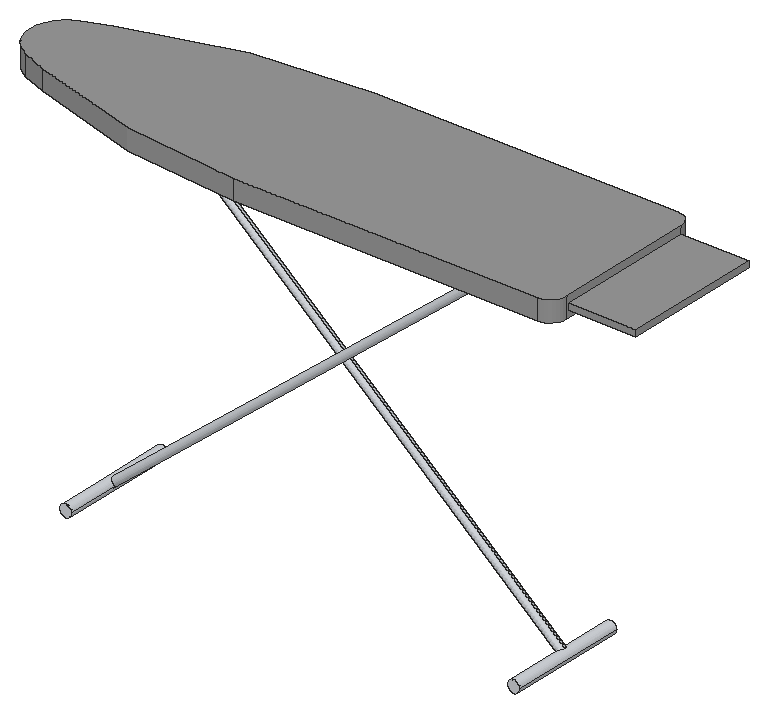
Revit family "Table_Ironing", category Furniture, Revit 2021
Family settings
  Work Plane-Based = No
  Always vertical = Yes
  Cut with Voids When Loaded = No
  Shared = No
  Room Calculation Point = No
Parameters
  Default Elevation = 0 mm
Reference planes
  plane 1 "Center (Front/Back)": y = 0
  plane 2: z = 0
  plane 3 "Center (Left/Right)": x = 0
Forms (mm)
  Extrusion 1, solid, material "Linen, Beige"
    sketch origin (617.51, -5.934, -14) x (0, 1, 0) y (-1, 0, 0)
      loop
        arc (-211.674, -42.49) -> (-199.958, -70.774) -> (-171.674, -82.49) r 40
        line (-171.674, -82.49) -> (183.541, -82.49)
        arc (183.541, -82.49) -> (211.825, -70.774) -> (223.541, -42.49) r 40
        line (223.541, -42.49) -> (223.541, 714.808)
        arc (223.541, 714.808) -> (195.982, 1001.021) -> (114.317, 1276.718) r 1500
        line (114.317, 1276.718) -> (89.38, 1338.438)
        arc (89.38, 1338.438) -> (5.934, 1394.724) -> (-77.513, 1338.438) r 90
        line (-77.513, 1338.438) -> (-102.45, 1276.718)
        arc (-102.45, 1276.718) -> (-184.115, 1001.021) -> (-211.674, 714.808) r 1500
        line (-211.674, 714.808) -> (-211.674, -42.49)
    from 914.4 to 965.2
  Extrusion 2, solid, material "Linen, Beige"
    sketch origin (1157.51, -5.934, -14) x (0, 1, 0) y (-1, 0, 0)
      loop
        line (180.934, 457.51) -> (-169.066, 457.51) -> (-169.066, 287.51) -> (180.934, 287.51) -> (180.934, 457.51)
    from 934.194 to 949.143
  Sweep 3, solid
    path origin (0, 0, 0) x (1, 0, 0) y (0, 0, 1)
      loop
        line (513.477, 925.428) -> (-567.257, 16.033)
    profile origin (-26.89, 0, 470.73) x (0.643847, 0, -0.765154) y (0, -1, 0)
      loop
        circle (0, 10) r 10
  Sweep 4, solid
    path origin (0, 0, 0) x (-1, 0, 0) y (0, 0, 1)
      loop
        line (500.802, 918.483) -> (-544.117, 17.069)
    profile origin (21.657, 0, 467.776) x (0.653198, 0, 0.757187) y (0, -1, 0)
      loop
        circle (0, -10) r 10
  Sweep 5, solid
    path origin (0, 0, 0) x (1, 0, 0) y (0, 1, 0)
      loop
        line (-568.485, 150) -> (-568.485, -150)
    profile origin (-568.485, 0, 0) x (1, 0, 0) y (0, 0, 1)
      loop
        circle (0, 15) r 15
  Sweep 6, solid
    path origin (1115, 0, 0) x (1, 0, 0) y (0, 1, 0)
      loop
        line (-568.485, 150) -> (-568.485, -150)
    profile origin (546.515, 0, 0) x (1, 0, 0) y (0, 0, 1)
      loop
        circle (0, 15) r 15
Dimensions and locks
  Extrusion 1 sketch curve to Extrusion 1 sketch curve = 435.215 mm
  level to Extrusion 1 = 900.4 mm
